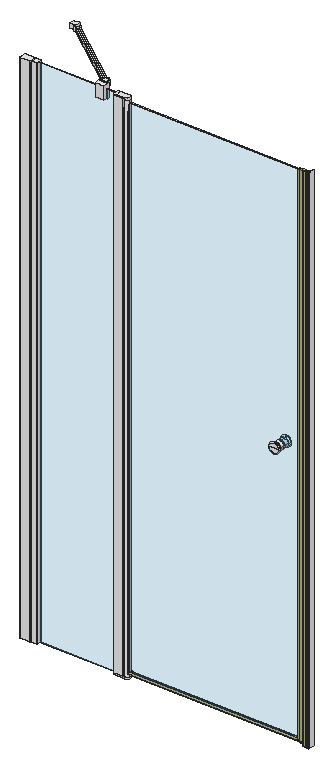
Revit family "SOL13", category Plumbing Fixtures, Revit 2015
Parameters (values of type "1100")
  holder = holder : B=400,D=350
  door = SOL1_G : C=700
  Width fixed panel 2 = 0 mm
  Seal = Seal
  Model = "SOL13"
  L1 = C1 + B1  # 1100 mm
  D = 300 mm
  B1 = 400 mm
  C1 = 700 mm
  URL = "www.sanswiss.com"
  Type Comments = "SOLINO"
  Number of elements = 0
  Aluminum = Aluminum
  Manufacturer = "SanSwiss"
  H = 2000 mm  # constant formula
  Glass = Glass
  A1 = B1 + C1  # 1100 mm
Types (7, lengths in mm): name | holder | door | L1 | D | B1 | C1 | A1
  750 | holder : B=200,D=150 | SOL1_G : C=550 | 750 | 150 | 200 | 550 | 750
  800 | holder : B=250,D=200 | SOL1_G : C=550 | 800 | 200 | 250 | 550 | 800
  900 | holder : B=350,D=300 | SOL1_G : C=550 | 900 | 300 | 350 | 550 | 900
  1000 | holder : B=350,D=300 | SOL1_G : C=650 | 1000 | 300 | 350 | 650 | 1000
  1200 | holder : B=400,D=350 | SOL1_G : C=800 | 1200 | 350 | 400 | 800 | 1200
  1400 | holder : B=600,D=550 | SOL1_G : C=800 | 1400 | 550 | 600 | 800 | 1400
  1100 | holder : B=400,D=350 | SOL1_G : C=700 | 1100 | 300 | 400 | 700 | 1100
Reference planes
  plane 1 "Center (Front/Back)": y = 0
  plane 2: z = 0
  plane 3 "Center (Left/Right)": x = 0
  plane 4 "right": x = 700
  plane 5: z = 2000
  plane 6 "góra": z = 1822.5
  plane 7 "hinge top": z = 1800
  plane 8 "klamka": z = 1005
  plane 9: x = 677.204
  plane 10: x = 659.1
  plane 11 "ucięcie": z = 11.8
  plane 12 "hinge bottom": z = 213
  plane 13 "glass middle": x = 3
  plane 14 "left": x = -400
  plane 15: x = -95
  plane 16: y = 44.447
Forms (mm)
  Extrusion 1, void, not visible
    sketch origin (0, 0, 0) x (1, 0, 0) y (0, 0, 1)
      loop
        line (47.1, 1799.5) -> (47.1, 1777.5) -> (65.984, 1777.5) -> (65.984, 1799.5) -> (47.1, 1799.5)
    from -49.545 to 25.251
  Extrusion 2, solid, material "Aluminum" <- "Aluminum", not visible
    sketch origin (0, 0, 1822.5) x (0, -1, 0) y (1, 0, 0)
      loop
        line (-1, 45.1) -> (-1, 57.085)
        arc (-1, 57.085) -> (-10, 66.085) -> (-19, 57.085) r 9
        line (-19, 57.085) -> (-19, 45.1) -> (-1, 45.1)
    from -45 to -23
  Extrusion 3, solid, material "Aluminum" <- "Aluminum", not visible
    sketch origin (0, 0, 1822.5) x (0, -1, 0) y (1, 0, 0)
      loop
        line (-1, 47.1) -> (-10, 47.1)
        arc (-10, 47.1) -> (-14.544, 48.192) -> (-18.095, 51.229) r 10
        arc (-18.095, 51.229) -> (-18.654, 51.411) -> (-19, 50.936) r 0.5
        line (-19, 50.936) -> (-19, 45.1) -> (-1, 45.1) -> (-1, 47.1)
    from -23 to 0
  Revolve 4, solid, material "Aluminum" <- "Aluminum", not visible
    sketch origin (0, 0, 1800) x (0, -1, 0) y (1, 0, 0)
      loop
        line (-21, 88.1) -> (-27.814, 88.1) -> (-27.814, 75.277) -> (-23.528, 79.564) -> (-21, 79.564) -> (-21, 88.1)
      axis (-21, 88.1) -> (-27.814, 88.1)
    angle from 0 to 360
  Revolve 5, solid, material "Aluminum" <- "Aluminum", not visible
    sketch origin (30, 0, 1800) x (0, -1, 0) y (1, 0, 0)
      loop
        line (-21, 88.1) -> (-27.814, 88.1) -> (-27.814, 75.277) -> (-23.528, 79.564) -> (-21, 79.564) -> (-21, 88.1)
      axis (-21, 88.1) -> (-27.814, 88.1)
    angle from 0 to 360
  Extrusion 6, solid, material "Glass" <- "Glass"
    sketch origin (0, 0, 1005) x (-1, 0, 0) y (0, -1, 0)
      loop
        line (30, -27.197) -> (337.401, -27.197) -> (337.401, -21.197) -> (30, -21.197) -> (30, -27.197)
    from -1005 to 995
  Sweep 7, solid, material "Aluminum" <- "Aluminum"
    path origin (0, 0, 0) x (1, 0, 0) y (0, 0, 1)
      loop
        line (-400, 2000) -> (-400, 0)
    profile origin (-400, 0, 1000) x (0, -1, 0) y (1, 0, 0)
      loop
        arc (-38.054, 1.758) -> (-37.539, 0.515) -> (-36.296, 0) r 1.758
        line (-36.296, 0) -> (-12.784, 0)
        arc (-12.784, 0) -> (-11.702, 0.448) -> (-11.254, 1.53) r 1.53
        line (-11.254, 1.53) -> (-11.254, 38.205)
        arc (-11.254, 38.205) -> (-11.662, 39.192) -> (-12.648, 39.6) r 1.395
        line (-12.648, 39.6) -> (-36.71, 39.6)
        arc (-36.71, 39.6) -> (-37.66, 39.207) -> (-38.054, 38.257) r 1.343
        line (-38.054, 38.257) -> (-38.054, 1.758)
  Sweep 8, solid, material "Aluminum" <- "Aluminum"
    path origin (0, 0, 0) x (1, 0, 0) y (0, 0, 1)
      loop
        line (-400, 0) -> (-400, 2000)
    profile origin (-400, 0, 1000) x (-1, 0, 0) y (0, -1, 0)
      loop
        line (-39.6, -35.354) -> (-39.6, -13.954) -> (-60.682, -13.954)
        arc (-60.682, -13.954) -> (-62.038, -14.515) -> (-62.599, -15.871) r 1.917
        line (-62.599, -15.871) -> (-62.599, -33.331)
        arc (-62.599, -33.331) -> (-62.007, -34.761) -> (-60.576, -35.354) r 2.023
        line (-60.576, -35.354) -> (-39.6, -35.354)
  Revolve 9, solid, material "Aluminum" <- "Aluminum"
    sketch origin (0, 0, 100) x (-1, 0, 0) y (0, -1, 0)
      loop
        line (370.081, -38.054) -> (362.99, -38.054) -> (362.99, -41.177)
        arc (362.99, -41.177) -> (363.396, -42.389) -> (364.449, -43.112) r 2.014
        arc (364.449, -43.112) -> (367.237, -43.712) -> (370.081, -43.93) r 21.12
        line (370.081, -43.93) -> (370.081, -38.054)
      axis (370.081, -43.93) -> (370.081, -38.054)
    angle from 0 to 360
  Revolve 10, solid, material "Aluminum" <- "Aluminum"
    sketch origin (0, 0, 1900) x (-1, 0, 0) y (0, -1, 0)
      loop
        line (370.081, -38.054) -> (362.99, -38.054) -> (362.99, -41.177)
        arc (362.99, -41.177) -> (363.396, -42.389) -> (364.449, -43.112) r 2.014
        arc (364.449, -43.112) -> (367.237, -43.712) -> (370.081, -43.93) r 21.12
        line (370.081, -43.93) -> (370.081, -38.054)
      axis (370.081, -43.93) -> (370.081, -38.054)
    angle from 0 to 360
  Revolve 11, solid, material "Aluminum" <- "Aluminum"
    sketch origin (0, 0, 1000) x (-1, 0, 0) y (0, -1, 0)
      loop
        line (370.081, -38.054) -> (362.99, -38.054) -> (362.99, -41.177)
        arc (362.99, -41.177) -> (363.396, -42.389) -> (364.449, -43.112) r 2.014
        arc (364.449, -43.112) -> (367.237, -43.712) -> (370.081, -43.93) r 21.12
        line (370.081, -43.93) -> (370.081, -38.054)
      axis (370.081, -43.93) -> (370.081, -38.054)
    angle from 0 to 360
Lines and regions (mm)
  symbolic lines
    curve 1: line (0, 27.197, 2000) -> (0, 21.197, 2000)
Dimensions and locks
  "C1": plane 3 "Center (Left/Right)" to plane 4 "right"
  "H": plane 5 to level
  locked: plane 4 "right" to plane 9 at 22.796
  locked: plane 4 "right" to plane 10 at 40.9
  locked: plane 3 "Center (Left/Right)" to plane 13 "glass middle" at 3
  "B1": plane 14 "left" to plane 3 "Center (Left/Right)"
  plane 15 to plane 3 "Center (Left/Right)" = 95 mm
  locked: plane 16 to plane 1 "Center (Front/Back)" at 44.447
  aligned and locked: level to plane 2
  aligned and locked: Sweep 7 sketch curve to plane 14 "left"
  aligned and locked: Sweep 8 sketch curve to Sweep 7
Automatic sketch dimensions
  Extrusion 1 sketch curve to Extrusion 1 sketch curve = 18.884 mm
  Extrusion 1 sketch curve to Extrusion 1 sketch curve = 22 mm
  Extrusion 2 sketch curve to Extrusion 2 sketch curve = 9 mm
  Extrusion 2 sketch curve to Extrusion 2 sketch curve = 11.985 mm
  Extrusion 3 sketch curve to Extrusion 3 sketch curve = 0.5 mm
  Extrusion 3 sketch curve to Extrusion 3 sketch curve = 2 mm
  Extrusion 3 sketch curve to Extrusion 3 sketch curve = 5.836 mm
  Extrusion 3 sketch curve to Extrusion 3 sketch curve = 10 mm
  Extrusion 3 sketch curve to Extrusion 3 sketch curve = 8.5 mm
  Extrusion 3 sketch curve to Extrusion 3 sketch curve = 9 mm
  Revolve 4 sketch curve to Revolve 4 sketch curve = 6.814 mm
  Revolve 4 sketch curve to Revolve 4 sketch curve = 0 mm  (x3)
  Revolve 5 sketch curve to Revolve 5 sketch curve = 6.814 mm
  Revolve 5 sketch curve to Revolve 5 sketch curve = 4.287 mm  (x2)
  Revolve 5 sketch curve to Revolve 5 sketch curve = 8.536 mm
  Revolve 5 sketch curve to Revolve 5 sketch curve = 0 mm  (x3)
  Revolve 4 sketch curve to Revolve 4 sketch curve = 4.287 mm  (x2)
  Revolve 4 sketch curve to Revolve 4 sketch curve = 8.536 mm
  curve 1 to plane 5 = 0 mm
  curve 1 to plane 16 = 17.25 mm
  curve 1 to curve 1 = 6 mm
  Sweep 7 sketch curve to level = 0 mm
  Sweep 7 sketch curve to plane 5 = 0 mm
  Sweep 7 sketch curve to profile plane = 0 mm
  Sweep 7 sketch curve to profile plane = 1.758 mm
  Sweep 7 sketch curve to plane 1 "Center (Front/Back)" = 38.054 mm
  Sweep 7 sketch curve to Sweep 7 sketch curve = 1.343 mm
  Sweep 7 sketch curve to plane 1 "Center (Front/Back)" = 12.784 mm
  Sweep 7 sketch curve to plane 1 "Center (Front/Back)" = 12.648 mm
  Sweep 7 sketch curve to Sweep 7 sketch curve = 1.53 mm
  Sweep 7 sketch curve to Sweep 7 sketch curve = 36.676 mm
  Sweep 8 sketch curve to level = 0 mm
  Sweep 8 sketch curve to plane 5 = 0 mm
  Revolve 9 sketch curve to plane 16 = 3.271 mm
  plane 14 "left" to Revolve 9 sketch curve = 37.01 mm
  Revolve 9 sketch curve to Revolve 9 sketch curve = 2.014 mm
  Revolve 9 sketch curve to plane 16 = 0.518 mm
  Revolve 9 sketch curve to Revolve 9 sketch curve = 5.077 mm
  Revolve 9 sketch curve to Revolve 9 sketch curve = 0.19 mm
  Revolve 9 sketch curve to Revolve 9 sketch curve = 5.876 mm
  Revolve 9 sketch curve to Revolve 9 sketch curve = 15.244 mm
  Revolve 9 sketch curve to Revolve 9 sketch curve = 0 mm  (x3)
  Revolve 10 sketch curve to plane 16 = 3.271 mm
  plane 14 "left" to Revolve 10 sketch curve = 37.01 mm
  Revolve 10 sketch curve to Revolve 10 sketch curve = 2.014 mm
  Revolve 10 sketch curve to plane 16 = 0.518 mm
  Revolve 10 sketch curve to Revolve 10 sketch curve = 5.077 mm
  Revolve 10 sketch curve to Revolve 10 sketch curve = 0.19 mm
  Revolve 10 sketch curve to Revolve 10 sketch curve = 5.876 mm
  Revolve 10 sketch curve to Revolve 10 sketch curve = 15.244 mm
  Revolve 10 sketch curve to Revolve 10 sketch curve = 0 mm  (x3)
  Revolve 11 sketch curve to plane 16 = 3.271 mm
  plane 14 "left" to Revolve 11 sketch curve = 37.01 mm
  Revolve 11 sketch curve to Revolve 11 sketch curve = 2.014 mm
  Revolve 11 sketch curve to plane 16 = 0.518 mm
  Revolve 11 sketch curve to Revolve 11 sketch curve = 5.077 mm
  Revolve 11 sketch curve to Revolve 11 sketch curve = 0.19 mm
  Revolve 11 sketch curve to Revolve 11 sketch curve = 5.876 mm
  Revolve 11 sketch curve to Revolve 11 sketch curve = 15.244 mm
  Revolve 11 sketch curve to Revolve 11 sketch curve = 0 mm  (x3)
  profile plane to Sweep 8 sketch curve = 62.599 mm
  Sweep 8 sketch curve to Sweep 8 sketch curve = 1.917 mm
  Sweep 8 sketch curve to Sweep 8 sketch curve = 2.023 mm
  Sweep 8 sketch curve to Sweep 8 sketch curve = 21.082 mm
  Sweep 8 sketch curve to plane 1 "Center (Front/Back)" = 35.354 mm
  Sweep 8 sketch curve to plane 1 "Center (Front/Back)" = 15.871 mm
  Extrusion 6 sketch curve to plane 3 "Center (Left/Right)" = 30 mm
  Extrusion 6 sketch curve to plane 1 "Center (Front/Back)" = 21.197 mm
  plane 14 "left" to Extrusion 6 sketch curve = 62.599 mm
  Extrusion 6 sketch curve to Extrusion 6 sketch curve = 6 mm
Nested families
  nested 1: "holder" at (0, 0, 0), type <- "holder", type "B=400,D=350"
  nested 2: "SOL1_G" at (-0.623, -0.209, 0), type <- "door", type "C=700"
Definition of nested family "holder"
  Parameters (values of type "B=350,D=300")
    handle angle1 = 90.00° - handle angle  # 50.1515°
    E = D10 * sin(handle angle)  # 198.635 mm
    D = 300 mm
    handle angle = acos(F / D10)  # 39.8485°
    Chrome = none
    Aluminum = none
    D10 = D + 10 mm  # 310 mm
    F = B - 17 mm - 95 mm  # 238 mm
    B = 350 mm
  Types (6, lengths in mm): name | handle angle1 | E | D | handle angle | D10 | F | B
    B=350,D=300 | 50.1515° | 198.635 | 300 | 39.8485° | 310 | 238 | 350
    B=600,D=550 | 60.6251° | 274.693 | 550 | 29.3749° | 560 | 488 | 600
    B=400,D=350 | 53.1301° | 216 | 350 | 36.8699° | 360 | 288 | 400
    B=250,D=200 | 41.0823° | 158.291 | 200 | 48.9177° | 210 | 138 | 250
    B=200,D=150 | 33.367° | 133.626 | 150 | 56.633° | 160 | 88 | 200
    B=350,D=350 | 41.3847° | 270.104 | 350 | 48.6153° | 360 | 238 | 350
  Reference planes
    plane 1 "Center (Front/Back)": y = 0
    plane 2: z = 0
    plane 3 "Center (Left/Right)": x = 0
    plane 4 "left": x = -350
    plane 5 "left handle": x = -333
    plane 6 "right handle": x = -95
    plane 7 "top handle": y = 243.083
    plane 8 "bottom handle": y = 44.447
    plane 9 "przekrój": through (-251.152, 148.141, 4000) normal (-0.8813, 0.4726, 0)
    plane 10: through (-429.511, 230.274, 4000) normal (0.4726, 0.8813, 0)
  Forms (mm)
    Sweep 1, solid, material <- "Chrome"
      path origin (0, 0, 0) x (1, 0, 0) y (0, 1, 0)
        loop
          line (-112, 0) -> (-78, 0)
      profile origin (-95, 0, 0) x (0, 1, 0) y (0, 0, 1)
        loop
          line (33.197, 1965.633) -> (33.197, 2015.633) -> (28.197, 2015.633) -> (13.341, 2013.563) -> (13.341, 1963.633) -> (21.197, 1963.633) -> (21.197, 2000.983) -> (28.197, 2000.983) -> (28.197, 1963.633) -> (31.197, 1963.633)
          arc (31.197, 1963.633) -> (32.612, 1964.219) -> (33.197, 1965.633) r 2
    Sweep 2, solid, material <- "Chrome"
      path origin (-95, 0, 0) x (0, -1, 0) y (0, 0, 1)
        loop
          line (0, 2015.319) -> (0, 1996.433)
      profile origin (-95, 0, 2005.876) x (-1, 0, 0) y (0, -1, 0)
        loop
          line (15.728, -33.197) -> (-15.728, -33.197) -> (-8.714, -39.083)
          arc (-8.714, -39.083) -> (-8.187, -39.769) -> (-8, -40.615) r 2
          line (-8, -40.615) -> (-8, -44.447)
          arc (-8, -44.447) -> (0, -52.447) -> (8, -44.447) r 8
          line (8, -44.447) -> (8, -40.615)
          arc (8, -40.615) -> (8.187, -39.769) -> (8.714, -39.083) r 2
          line (8.714, -39.083) -> (15.728, -33.197)
    Sweep 3, solid, material <- "Chrome"
      path origin (-95, 0, 0) x (0, -1, 0) y (0, 0, 1)
        loop
          line (-44.447, 2010.633) -> (-44.447, 1996.433)
      profile origin (-95, 44.447, 2003.533) x (-1, 0, 0) y (0, -1, 0)
        loop
          line (-5.08, -9.474) -> (6.305, -18.976) -> (19.798, -2.81) -> (5.08, 9.474)
          arc (5.08, 9.474) -> (-9.474, 5.08) -> (-5.08, -9.474) r 10.75
    Sweep 4, solid, material <- "Chrome"
      path origin (-333, 0, 0) x (0, -1, 0) y (0, 0, 1)
        loop
          line (-243.083, 2013.619) -> (-243.083, 1996.433)
      profile origin (-333, 243.083, 2005.026) x (-1, 0, 0) y (0, -1, 0)
        loop
          line (16.5, -9.5) -> (16.5, 9.5) -> (0, 9.5)
          arc (0, 9.5) -> (-9.5, 0) -> (0, -9.5) r 9.5
          line (0, -9.5) -> (16.5, -9.5)
    Sweep 5, solid, material <- "Aluminum"
      path origin (-86.339, 12.427, 0) x (1, 0, 0) y (0, 1, 0)
        loop
          line (-8.661, 32.021) -> (-246.661, 230.656)
      profile origin (-214, 143.765, 0) x (-0.640759, -0.767742, 0) y (0, 0, 1)
        loop
          line (8.5, 1998.433) -> (8.5, 2008.133) -> (5, 2008.133) -> (5, 2006.433) -> (-5, 2006.433) -> (-5, 2008.133) -> (-8.5, 2008.133) -> (-8.5, 1998.433) -> (8.5, 1998.433)
    Sweep 6, solid, material <- "Chrome"
      path origin (-333, 0, 0) x (0, -1, 0) y (0, 0, 1)
        loop
          line (-243.083, 2010.633) -> (-243.083, 1996.433)
      profile origin (-333, 243.083, 2003.533) x (-1, 0, 0) y (0, -1, 0)
        loop
          line (6.121, 8.654) -> (-6.663, 19.323) -> (-20.221, 3.079) -> (-6.496, -8.376)
          arc (-6.496, -8.376) -> (8.517, -6.31) -> (6.121, 8.654) r 10.6
  Dimensions and locks
    locked: plane 1 "Center (Front/Back)" to plane 8 "bottom handle" at 44.447
    "F": plane 5 "left handle" to plane 6 "right handle"
    plane 6 "right handle" to plane 3 "Center (Left/Right)" = 95 mm
    "E": plane 7 "top handle" to plane 8 "bottom handle"
    plane 4 "left" to plane 5 "left handle" = 17 mm
    "B": plane 4 "left" to plane 3 "Center (Left/Right)"
    Sweep 3 sketch curve to profile plane = 17 mm
    locked: Sweep 6 sketch curve to Sweep 6 sketch curve at 16.652
    radius of Sweep 3 sketch curve = 10.75 mm
    radius of Sweep 6 sketch curve = 10.6 mm
    locked: Sweep 3 sketch curve to Sweep 3 sketch curve (angle 90.00°)  (x2)
    "handle angle": angle Sweep 3 sketch curve to plane 8 "bottom handle"
    locked: Sweep 6 sketch curve to Sweep 6 sketch curve (angle 90.00°)  (x2)
    "handle angle": angle Sweep 6 sketch curve to plane 7 "top handle"
    aligned and locked: level to plane 2
    aligned and locked: plane 7 "top handle" to Sweep 5 sketch curve
    aligned and locked: plane 5 "left handle" to Sweep 5 sketch curve
    aligned and locked: plane 8 "bottom handle" to Sweep 5 sketch curve
    aligned and locked: plane 6 "right handle" to Sweep 5 sketch curve
    aligned and locked: plane 7 "top handle" to Sweep 4 sketch curve
    aligned and locked: plane 5 "left handle" to Sweep 4 sketch curve
    aligned and locked: Sweep 3 sketch curve to plane 8 "bottom handle"
    aligned and locked: plane 6 "right handle" to Sweep 3 sketch curve
    aligned and locked: plane 7 "top handle" to Sweep 6 sketch curve  (x2)
    aligned and locked: plane 5 "left handle" to Sweep 6 sketch curve  (x2)
  Automatic sketch dimensions
    level to Sweep 3 sketch curve = 1996.433 mm
    Sweep 3 sketch curve to Sweep 3 sketch curve = 14.2 mm
    plane 1 "Center (Front/Back)" to Sweep 1 sketch curve = 0 mm
    plane 6 "right handle" to Sweep 1 sketch curve = 17 mm
    Sweep 1 sketch curve to plane 6 "right handle" = 17 mm
    Sweep 2 sketch curve to plane 1 "Center (Front/Back)" = 0 mm
    level to Sweep 2 sketch curve = 1996.433 mm
    Sweep 2 sketch curve to Sweep 2 sketch curve = 18.885 mm
    Sweep 2 sketch curve to plane 6 "right handle" = 0 mm
    Sweep 2 sketch curve to plane 6 "right handle" = 8 mm
    Sweep 2 sketch curve to Sweep 2 sketch curve = 0.714 mm  (x2)
    Sweep 2 sketch curve to Sweep 2 sketch curve = 2 mm  (x2)
    Sweep 2 sketch curve to Sweep 2 sketch curve = 7.014 mm  (x2)
    profile plane to Sweep 2 sketch curve = 44.447 mm
    Sweep 2 sketch curve to Sweep 2 sketch curve = 3.833 mm  (x2)
    Sweep 2 sketch curve to Sweep 2 sketch curve = 5.885 mm
    Sweep 4 sketch curve to plane 5 "left handle" = 0 mm
    Sweep 4 sketch curve to profile plane = 0 mm
    plane 5 "left handle" to Sweep 4 sketch curve = 16.5 mm
    Sweep 4 sketch curve to Sweep 4 sketch curve = 9.5 mm
    profile plane to Sweep 5 sketch curve = 8.5 mm
    Sweep 5 sketch curve to Sweep 5 sketch curve = 3.5 mm  (x2)
    Sweep 5 sketch curve to profile plane = 5 mm
    level to Sweep 5 sketch curve = 1998.433 mm
    Sweep 5 sketch curve to Sweep 5 sketch curve = 8 mm
    Sweep 5 sketch curve to Sweep 5 sketch curve = 1.7 mm  (x2)
    level to Sweep 6 sketch curve = 1996.433 mm
    Sweep 6 sketch curve to Sweep 6 sketch curve = 14.2 mm
    Sweep 1 sketch curve to profile plane = 13.341 mm
    Sweep 1 sketch curve to Sweep 1 sketch curve = 7.857 mm
    Sweep 1 sketch curve to Sweep 1 sketch curve = 14.857 mm
    Sweep 1 sketch curve to Sweep 1 sketch curve = 7 mm
    Sweep 1 sketch curve to Sweep 1 sketch curve = 3 mm
    Sweep 1 sketch curve to Sweep 1 sketch curve = 5 mm
    level to Sweep 1 sketch curve = 1963.633 mm
    Sweep 1 sketch curve to Sweep 1 sketch curve = 0 mm
    Sweep 1 sketch curve to Sweep 1 sketch curve = 35.35 mm
    Sweep 1 sketch curve to Sweep 1 sketch curve = 14.65 mm
    Sweep 1 sketch curve to Sweep 1 sketch curve = 12.58 mm
    Sweep 3 sketch curve to plane 6 "right handle" = 0 mm
    Sweep 3 sketch curve to profile plane = 0 mm
    Sweep 3 sketch curve to plane 6 "right handle" = 5.08 mm
    plane 6 "right handle" to Sweep 3 sketch curve = 5.08 mm
    Sweep 6 sketch curve to plane 5 "left handle" = 6.496 mm
    Sweep 6 sketch curve to plane 5 "left handle" = 6.663 mm
Definition of nested family "SOL1_G"
  Parameters (values of type "C=650")
    Width fixed panel 2 = 0 mm
    Width fixed panel = 0 mm
    Seal = none
    Model = "SOL1 G"
    Chrome = none
    C1 = 650 mm
    URL = "www.sanswiss.com"
    Type Comments = "SOLINO"
    Number of elements = 0
    Manufacturer = "SanSwiss"
    H = 2000 mm  # constant formula
    Glass = none
    Aluminum = none
  Types (5, lengths in mm): name | C1
    C=550 | 550
    C=800 | 800
    C=650 | 650
    C=700 | 700
    C=750 | 750
  Reference planes
    plane 1 "Center (Front/Back)": y = 0
    plane 2: z = 0
    plane 3 "Center (Left/Right)": x = 0
    plane 4: x = 650
    plane 5: z = 2000
    plane 6 "góra": z = 1822.5
    plane 7 "klamka": z = 1000.61
    plane 8: x = 628.938
    plane 9: x = 609.789
    plane 10 "ucięcie": z = 11.8
    plane 11: z = 1984
    plane 12: z = 4.446
    plane 13: z = 1995.447
    plane 14: z = 16.178
  Forms (mm)
    Extrusion 1, void, not visible
      sketch origin (0, 0, 0) x (1, 0, 0) y (0, 0, 1)
        loop
          line (47.1, 1799.5) -> (47.1, 1777.5) -> (65.984, 1777.5) -> (65.984, 1799.5) -> (47.1, 1799.5)
      from -49.545 to 25.251
    Extrusion 2, solid, material <- "Aluminum", not visible
      sketch origin (0, 0, 1822.5) x (0, -1, 0) y (1, 0, 0)
        loop
          line (-1, 45.1) -> (-1, 57.085)
          arc (-1, 57.085) -> (-10, 66.085) -> (-19, 57.085) r 9
          line (-19, 57.085) -> (-19, 45.1) -> (-1, 45.1)
      from -45 to -23
    Extrusion 3, solid, material <- "Aluminum", not visible
      sketch origin (0, 0, 1822.5) x (0, -1, 0) y (1, 0, 0)
        loop
          line (-1, 47.1) -> (-10, 47.1)
          arc (-10, 47.1) -> (-14.544, 48.192) -> (-18.095, 51.229) r 10
          arc (-18.095, 51.229) -> (-18.654, 51.411) -> (-19, 50.936) r 0.5
          line (-19, 50.936) -> (-19, 45.1) -> (-1, 45.1) -> (-1, 47.1)
      from -23 to 0
    Revolve 4, solid, material <- "Aluminum", not visible
      sketch origin (0, 0, 1800) x (0, -1, 0) y (1, 0, 0)
        loop
          line (-21, 88.1) -> (-27.814, 88.1) -> (-27.814, 75.277) -> (-23.528, 79.564) -> (-21, 79.564) -> (-21, 88.1)
        axis (-21, 88.1) -> (-27.814, 88.1)
      angle from 0 to 360
    Revolve 5, solid, material <- "Aluminum", not visible
      sketch origin (30, 0, 1800) x (0, -1, 0) y (1, 0, 0)
        loop
          line (-21, 88.1) -> (-27.814, 88.1) -> (-27.814, 75.277) -> (-23.528, 79.564) -> (-21, 79.564) -> (-21, 88.1)
        axis (-21, 88.1) -> (-27.814, 88.1)
      angle from 0 to 360
    Sweep 6, solid, material <- "Seal"
      path origin (0, 0, -2.717) x (1, 0, 0) y (0, 0, 1)
        loop
          line (650, 1986.717) -> (650, 19.284)
      profile origin (650, 0, 1000.283) x (0, -1, 0) y (1, 0, 0)
        loop
          arc (-21.839, -38.098) -> (-21.314, -37.901) -> (-21.047, -37.409) r 0.8
          line (-21.047, -37.409) -> (-20.512, -31.606)
          arc (-20.512, -31.606) -> (-20.537, -31.058) -> (-20.757, -30.555) r 1.5
          arc (-20.757, -30.555) -> (-19.3, -25.674) -> (-20.574, -20.742) r 9.5
          arc (-20.574, -20.742) -> (-21.677, -20.006) -> (-22.933, -20.432) r 1.5
          line (-22.933, -20.432) -> (-29.748, -27.247)
          arc (-29.748, -27.247) -> (-30.154, -27.991) -> (-30.092, -28.835) r 1.5
          arc (-30.092, -28.835) -> (-29.709, -29.717) -> (-29.239, -30.555) r 9.5
          arc (-29.239, -30.555) -> (-29.459, -31.058) -> (-29.483, -31.606) r 1.5
          line (-29.483, -31.606) -> (-28.949, -37.409)
          arc (-28.949, -37.409) -> (-28.682, -37.901) -> (-28.157, -38.098) r 0.8
          line (-28.157, -38.098) -> (-27.374, -38.098) -> (-27.374, -37.133) -> (-27.83, -36.313) -> (-28.328, -31.098) -> (-21.668, -31.098) -> (-22.166, -36.313) -> (-22.622, -37.133) -> (-22.622, -38.098) -> (-21.839, -38.098)
    Extrusion 7, solid, material <- "Glass"
      sketch origin (0, 0, 1800) x (0, -1, 0) y (1, 0, 0)
        loop
          line (-27.5, 618.902) -> (-27.5, 12.306) -> (-21.5, 12.306) -> (-21.5, 618.902) -> (-27.5, 618.902)
      from -1787 to 184
    Extrusion 8, solid, material <- "Seal"
      sketch origin (0, 0, 0) x (0, 1, 0) y (0, 0, 1)
        loop
          line (33.991, 0.501) -> (32.472, 14.955)
          arc (32.472, 14.955) -> (32.753, 15.358) -> (33.243, 15.314) r 0.49
          line (33.243, 15.314) -> (35.532, 14.701) -> (35.49, 15.494)
          arc (35.49, 15.494) -> (35.318, 15.967) -> (34.91, 16.264) r 0.862
          line (34.91, 16.264) -> (29.09, 17.823) -> (28.328, 24.346)
          arc (28.328, 24.346) -> (27.784, 25.009) -> (26.955, 24.792) r 0.794
          line (26.955, 24.792) -> (28.209, 14.063)
          arc (28.209, 14.063) -> (27.898, 13.311) -> (27.147, 13) r 1.063
          line (27.147, 13) -> (22.622, 13)
          arc (22.622, 13) -> (21.976, 13.301) -> (21.792, 13.989) r 0.843
          line (21.792, 13.989) -> (23.046, 24.932)
          arc (23.046, 24.932) -> (22.173, 24.949) -> (21.668, 24.238) r 0.932
          line (21.668, 24.238) -> (20.512, 14.15)
          arc (20.512, 14.15) -> (21.075, 12.392) -> (22.764, 11.649) r 2.245
          line (22.764, 11.649) -> (27.214, 11.649)
          arc (27.214, 11.649) -> (28.718, 12.211) -> (29.483, 13.621) r 2.291
          line (29.483, 13.621) -> (29.387, 14.992)
          arc (29.387, 14.992) -> (29.469, 15.443) -> (29.898, 15.605) r 0.465
          line (29.898, 15.605) -> (30.87, 15.725)
          arc (30.87, 15.725) -> (31.281, 15.554) -> (31.451, 15.143) r 0.581
          line (31.451, 15.143) -> (33.001, 0.397)
          arc (33.001, 0.397) -> (33.548, -0.046) -> (33.991, 0.501) r 0.498
      from 12.306 to 628.938
    Extrusion 9, void
      sketch origin (0, 0, 0) x (1, 0, 0) y (0, 0, 1)
        loop
          line (634.842, 16.567) -> (634.842, 33.757) -> (611.902, 33.757) -> (611.902, 16.567) -> (634.842, 16.567)
      from -108.898 to 31.895
    Sweep 10, void
      path origin (-49.514, 0.178, 0) x (1, 0, 0) y (0, 0, 1)
        loop
          line (750, -1.043) -> (750, 23.957)
      profile origin (700.486, 0.178, 11.457) x (-1, 0, 0) y (0, -1, 0)
        loop
          line (85.009, -36.361) -> (69.995, -21.347) -> (69.995, -36.361) -> (85.009, -36.361)
    Sweep 11, solid, material <- "Seal"
      path origin (0, 0, 0) x (1, 0, 0) y (0, 0, 1)
        loop
          line (650, 1984) -> (650, 0)
      profile origin (650, 0, 992) x (0, -1, 0) y (1, 0, 0)
        loop
          line (-28.662, -26.162) -> (-21.774, -19.274)
          arc (-21.774, -19.274) -> (-21.402, -18.561) -> (-21.507, -17.764) r 1.337
          line (-21.507, -17.764) -> (-22.351, -16.035)
          arc (-22.351, -16.035) -> (-22.148, -15.591) -> (-22.102, -15.105) r 1.463
          line (-22.102, -15.105) -> (-22.646, -9.188)
          arc (-22.646, -9.188) -> (-22.904, -8.684) -> (-23.438, -8.499) r 0.759
          arc (-23.438, -8.499) -> (-23.857, -8.527) -> (-24.187, -8.786) r 0.711
          line (-24.187, -8.786) -> (-24.096, -9.652) -> (-23.757, -10.379) -> (-23.288, -15.472) -> (-29.898, -15.472) -> (-29.433, -10.326) -> (-29.09, -9.591)
          arc (-29.09, -9.591) -> (-28.984, -9.058) -> (-29.199, -8.559) r 0.916
          arc (-29.199, -8.559) -> (-30.032, -8.534) -> (-30.548, -9.188) r 0.927
          line (-30.548, -9.188) -> (-31.085, -15.12)
          arc (-31.085, -15.12) -> (-31.046, -15.603) -> (-30.838, -16.04) r 1.336
          arc (-30.838, -16.04) -> (-32.307, -20.856) -> (-31.071, -25.737) r 9.37
          arc (-31.071, -25.737) -> (-29.977, -26.577) -> (-28.662, -26.162) r 1.493
    Sweep 12, solid, material <- "Aluminum"
      path origin (0, 0, 0) x (1, 0, 0) y (0, 0, 1)
        loop
          line (650, 1984) -> (650, 0)
      profile origin (650, 0, 992) x (0, -1, 0) y (1, 0, 0)
        loop
          line (-28.247, -15.489) -> (-28.247, -8.519) -> (-24.947, -8.519) -> (-24.947, -15.498) -> (-23.648, -15.498) -> (-23.648, -0.218)
          arc (-23.648, -0.218) -> (-24.583, -0.806) -> (-24.947, -1.848) r 1.673
          line (-24.947, -1.848) -> (-24.947, -7.198) -> (-28.247, -7.198) -> (-28.247, -1.976)
          arc (-28.247, -1.976) -> (-28.826, -0.579) -> (-30.223, 0) r 1.976
          line (-30.223, 0) -> (-46.642, 0)
          arc (-46.642, 0) -> (-46.389, -1.318) -> (-45.237, -2.007) r 1.641
          line (-45.237, -2.007) -> (-30.531, -2.007)
          arc (-30.531, -2.007) -> (-29.867, -2.261) -> (-29.545, -2.895) r 0.992
          line (-29.545, -2.895) -> (-29.545, -14.874)
          arc (-29.545, -14.874) -> (-29.446, -15.303) -> (-29.047, -15.489) r 0.502
          line (-29.047, -15.489) -> (-28.247, -15.489)
    Revolve 13, solid, material <- "Aluminum"
      sketch origin (0, 0, 1883.974) x (-1, 0, 0) y (0, -1, 0)
        loop
          line (-647.993, -39.145) -> (-641.785, -39.145)
          arc (-641.785, -39.145) -> (-641.973, -36.391) -> (-642.551, -33.693) r 19.345
          arc (-642.551, -33.693) -> (-643.289, -32.645) -> (-644.514, -32.271) r 1.972
          line (-644.514, -32.271) -> (-647.993, -32.271) -> (-647.993, -39.145)
        axis (-647.993, -39.145) -> (-641.785, -39.145)
      angle from 0 to 360
    Revolve 14, solid, material <- "Aluminum"
      sketch origin (0, 0, 992) x (-1, 0, 0) y (0, -1, 0)
        loop
          line (-647.993, -39.145) -> (-641.785, -39.145)
          arc (-641.785, -39.145) -> (-641.973, -36.391) -> (-642.551, -33.693) r 19.345
          arc (-642.551, -33.693) -> (-643.289, -32.645) -> (-644.514, -32.271) r 1.972
          line (-644.514, -32.271) -> (-647.993, -32.271) -> (-647.993, -39.145)
        axis (-647.993, -39.145) -> (-641.785, -39.145)
      angle from 0 to 360
    Revolve 15, solid, material <- "Aluminum"
      sketch origin (0, 0, 100.189) x (-1, 0, 0) y (0, -1, 0)
        loop
          line (-647.993, -39.145) -> (-641.785, -39.145)
          arc (-641.785, -39.145) -> (-641.973, -36.391) -> (-642.551, -33.693) r 19.345
          arc (-642.551, -33.693) -> (-643.289, -32.645) -> (-644.514, -32.271) r 1.972
          line (-644.514, -32.271) -> (-647.993, -32.271) -> (-647.993, -39.145)
        axis (-647.993, -39.145) -> (-641.785, -39.145)
      angle from 0 to 360
    Sweep 16, solid, material <- "Aluminum"
      path origin (0, 0, 0) x (1, 0, 0) y (0, 0, 1)
        loop
          line (0, 4.446) -> (0, 1995.447)
      profile origin (0, 0, 999.947) x (-1, 0, 0) y (0, -1, 0)
        loop
          arc (40.055, -35.029) -> (41.37, -34.485) -> (41.914, -33.17) r 1.859
          line (41.914, -33.17) -> (41.914, -15.595)
          arc (41.914, -15.595) -> (41.342, -14.214) -> (39.96, -13.641) r 1.954
          line (39.96, -13.641) -> (6.499, -13.641)
          arc (6.499, -13.641) -> (4.78, -14.801) -> (4.996, -16.864) r 2.014
          line (4.996, -16.864) -> (3.992, -16.864) -> (2.808, -16.312) -> (0.305, -16.531) -> (1.302, -16.996)
          arc (1.302, -16.996) -> (4.396, -18.218) -> (6.688, -20.628) r 7.716
          line (6.688, -20.628) -> (6.688, -27.963)
          arc (6.688, -27.963) -> (4.396, -30.374) -> (1.302, -31.596) r 7.716
          line (1.302, -31.596) -> (0.305, -32.061) -> (2.808, -32.28) -> (4.209, -31.627) -> (5.119, -31.627)
          arc (5.119, -31.627) -> (4.592, -33.774) -> (6.411, -35.029) r 1.947
          line (6.411, -35.029) -> (40.055, -35.029)
    Sweep 17, solid, material <- "Chrome"
      path origin (0, 0, 0) x (1, 0, 0) y (0, 0, 1)
        loop
          line (0, 2000) -> (0, 1995.447)
      profile origin (0, 0, 1997.723) x (0, -1, 0) y (1, 0, 0)
        loop
          line (-13.629, -40.06) -> (-13.629, 3.235)
          arc (-13.629, 3.235) -> (-24.329, 13.935) -> (-35.029, 3.235) r 10.7
          line (-35.029, 3.235) -> (-35.029, -39.887)
          arc (-35.029, -39.887) -> (-34.435, -41.32) -> (-33.002, -41.914) r 2.027
          line (-33.002, -41.914) -> (-15.483, -41.914)
          arc (-15.483, -41.914) -> (-14.172, -41.371) -> (-13.629, -40.06) r 1.854
    Sweep 18, solid, material <- "Aluminum"
      path origin (0, 0, 0) x (1, 0, 0) y (0, 0, 1)
        loop
          line (0, 4.446) -> (0, 1995.447)
      profile origin (0, 0, 999.947) x (-1, 0, 0) y (0, -1, 0)
        loop
          circle (-3.34, -24.929) r 9.238
    Sweep 19, solid, material <- "Chrome"
      path origin (0, 0, -1995.554) x (1, 0, 0) y (0, 0, 1)
        loop
          line (0, 2000) -> (0, 1995.447)
      profile origin (0, 0, 2.17) x (0, -1, 0) y (1, 0, 0)
        loop
          line (-13.629, -40.06) -> (-13.629, 3.235)
          arc (-13.629, 3.235) -> (-24.329, 13.935) -> (-35.029, 3.235) r 10.7
          line (-35.029, 3.235) -> (-35.029, -39.887)
          arc (-35.029, -39.887) -> (-34.435, -41.32) -> (-33.002, -41.914) r 2.027
          line (-33.002, -41.914) -> (-15.483, -41.914)
          arc (-15.483, -41.914) -> (-14.172, -41.371) -> (-13.629, -40.06) r 1.854
  Cuts and joins
    Extrusion 9, Sweep 10 cuts Extrusion 8
  Dimensions and locks
    "C1": plane 3 "Center (Left/Right)" to plane 4
    "H": plane 5 to level
    plane 3 "Center (Left/Right)" to Extrusion 7 sketch curve = 12.306 mm
    Sweep 6 sketch curve to plane 2 = 16.567 mm
    plane 4 to plane 8 = 21.062 mm
    locked: plane 4 to plane 9 at 40.211
    locked: nested 1 to plane 4 at 110
    plane 3 "Center (Left/Right)" to cut or joined group of Extrusion 8, Extrusion 9, Sweep 10 = 12.306 mm
    aligned and locked: level to plane 2
    aligned and locked: Extrusion 7 sketch curve to Sweep 6
    aligned and locked: plane 8 to Extrusion 8
    aligned and locked: Extrusion 7 to Sweep 6
  Automatic sketch dimensions
    Extrusion 1 sketch curve to Extrusion 1 sketch curve = 18.884 mm
    Extrusion 1 sketch curve to Extrusion 1 sketch curve = 22 mm
    Extrusion 2 sketch curve to Extrusion 2 sketch curve = 9 mm
    Extrusion 2 sketch curve to Extrusion 2 sketch curve = 11.985 mm
    Extrusion 3 sketch curve to Extrusion 3 sketch curve = 0.5 mm
    Extrusion 3 sketch curve to Extrusion 3 sketch curve = 2 mm
    Extrusion 3 sketch curve to Extrusion 3 sketch curve = 5.836 mm
    Extrusion 3 sketch curve to Extrusion 3 sketch curve = 10 mm
    Extrusion 3 sketch curve to Extrusion 3 sketch curve = 8.5 mm
    Extrusion 3 sketch curve to Extrusion 3 sketch curve = 9 mm
    Revolve 4 sketch curve to Revolve 4 sketch curve = 6.814 mm
    Revolve 4 sketch curve to Revolve 4 sketch curve = 0 mm  (x3)
    Revolve 5 sketch curve to Revolve 5 sketch curve = 6.814 mm
    Revolve 5 sketch curve to Revolve 5 sketch curve = 4.287 mm  (x2)
    Revolve 5 sketch curve to Revolve 5 sketch curve = 8.536 mm
    Revolve 5 sketch curve to Revolve 5 sketch curve = 0 mm  (x3)
    Revolve 4 sketch curve to Revolve 4 sketch curve = 4.287 mm  (x2)
    Revolve 4 sketch curve to Revolve 4 sketch curve = 8.536 mm
    Sweep 6 sketch curve to plane 4 = 0 mm
    Sweep 6 sketch curve to plane 11 = 0 mm
    Sweep 6 sketch curve to plane 1 "Center (Front/Back)" = 29.748 mm
    Sweep 6 sketch curve to Sweep 6 sketch curve = 0.265 mm
    Sweep 6 sketch curve to Sweep 6 sketch curve = 0.534 mm
    Sweep 6 sketch curve to Sweep 6 sketch curve = 0.95 mm
    Sweep 6 sketch curve to Sweep 6 sketch curve = 1.061 mm  (x4)
    Sweep 6 sketch curve to Sweep 6 sketch curve = 1.156 mm  (x2)
    Sweep 6 sketch curve to Sweep 6 sketch curve = 0.792 mm  (x2)
    Sweep 6 sketch curve to Sweep 6 sketch curve = 0.33 mm  (x2)
    Sweep 6 sketch curve to Sweep 6 sketch curve = 0.327 mm
    Sweep 6 sketch curve to Sweep 6 sketch curve = 0.783 mm  (x2)
    Sweep 6 sketch curve to Sweep 6 sketch curve = 5.865 mm
    Sweep 6 sketch curve to Sweep 6 sketch curve = 4.752 mm
    Sweep 6 sketch curve to Sweep 6 sketch curve = 0.456 mm
    Sweep 6 sketch curve to Sweep 6 sketch curve = 0.168 mm
    Sweep 6 sketch curve to Sweep 6 sketch curve = 0.675 mm
    profile plane to Sweep 6 sketch curve = 38.098 mm
    Sweep 6 sketch curve to Sweep 6 sketch curve = 0 mm  (x2)
    Sweep 6 sketch curve to Sweep 6 sketch curve = 0.689 mm  (x2)
    Sweep 6 sketch curve to Sweep 6 sketch curve = 0.164 mm  (x2)
    Sweep 6 sketch curve to Sweep 6 sketch curve = 0.821 mm  (x2)
    Sweep 6 sketch curve to Sweep 6 sketch curve = 4.706 mm  (x2)
    Sweep 6 sketch curve to Sweep 6 sketch curve = 0.209 mm  (x2)
    Sweep 6 sketch curve to Sweep 6 sketch curve = 0.3 mm
    Sweep 6 sketch curve to Sweep 6 sketch curve = 2.789 mm
    Sweep 6 sketch curve to Sweep 6 sketch curve = 1.75 mm
    Sweep 6 sketch curve to Sweep 6 sketch curve = 5.6 mm
    Sweep 6 sketch curve to Sweep 6 sketch curve = 4.004 mm
    Sweep 6 sketch curve to Sweep 6 sketch curve = 0.912 mm
    Extrusion 7 sketch curve to plane 1 "Center (Front/Back)" = 27.5 mm
    Extrusion 7 sketch curve to Extrusion 7 sketch curve = 6 mm
    Extrusion 8 sketch curve to plane 14 = 2.028 mm
    Extrusion 8 sketch curve to plane 1 "Center (Front/Back)" = 20.512 mm
    plane 14 to Extrusion 8 sketch curve = 8.06 mm
    Extrusion 8 sketch curve to Extrusion 8 sketch curve = 1.156 mm
    Extrusion 8 sketch curve to plane 14 = 2.189 mm
    Extrusion 8 sketch curve to Extrusion 8 sketch curve = 1.279 mm
    Extrusion 8 sketch curve to Extrusion 8 sketch curve = 0.924 mm
    Extrusion 8 sketch curve to Extrusion 8 sketch curve = 0.83 mm
    Extrusion 8 sketch curve to Extrusion 8 sketch curve = 0.122 mm
    Extrusion 8 sketch curve to plane 10 "ucięcie" = 0.151 mm
    Extrusion 8 sketch curve to Extrusion 8 sketch curve = 0.143 mm
    plane 14 to Extrusion 8 sketch curve = 8.754 mm
    Extrusion 8 sketch curve to Extrusion 8 sketch curve = 0.453 mm
    plane 14 to Extrusion 8 sketch curve = 8.614 mm
    Extrusion 8 sketch curve to Extrusion 8 sketch curve = 3.909 mm
    Extrusion 8 sketch curve to plane 14 = 2.115 mm
    Extrusion 8 sketch curve to Extrusion 8 sketch curve = 4.403 mm
    Extrusion 8 sketch curve to Extrusion 8 sketch curve = 0.068 mm
    Extrusion 8 sketch curve to Extrusion 8 sketch curve = 0.584 mm
    Extrusion 8 sketch curve to Extrusion 8 sketch curve = 0.995 mm
    plane 14 to Extrusion 8 sketch curve = 8.169 mm
    Extrusion 8 sketch curve to Extrusion 8 sketch curve = 0.789 mm
    plane 14 to Extrusion 8 sketch curve = 1.645 mm
    Extrusion 8 sketch curve to Extrusion 8 sketch curve = 0.881 mm
    Extrusion 8 sketch curve to plane 14 = 1.186 mm
    Extrusion 8 sketch curve to Extrusion 8 sketch curve = 1.178 mm
    plane 10 "ucięcie" to Extrusion 8 sketch curve = 1.821 mm
    Extrusion 8 sketch curve to Extrusion 8 sketch curve = 1.274 mm
    Extrusion 8 sketch curve to Extrusion 8 sketch curve = 0.439 mm
    Extrusion 8 sketch curve to plane 14 = 0.572 mm
    Extrusion 8 sketch curve to Extrusion 8 sketch curve = 0.072 mm
    Extrusion 8 sketch curve to Extrusion 8 sketch curve = 1.044 mm
    Extrusion 8 sketch curve to plane 14 = 1.034 mm
    Extrusion 8 sketch curve to Extrusion 8 sketch curve = 0.581 mm
    Extrusion 8 sketch curve to plane 14 = 1.223 mm
    Extrusion 8 sketch curve to Extrusion 8 sketch curve = 1.021 mm
    Extrusion 8 sketch curve to Extrusion 8 sketch curve = 0.488 mm
    level to Extrusion 8 sketch curve = 0.397 mm
    Extrusion 8 sketch curve to Extrusion 8 sketch curve = 5.787 mm
    Extrusion 8 sketch curve to plane 14 = 0.864 mm
    Extrusion 8 sketch curve to Extrusion 8 sketch curve = 0.283 mm
    Extrusion 8 sketch curve to Extrusion 8 sketch curve = 0.495 mm  (x2)
    level to Extrusion 8 sketch curve = 0.501 mm
    Extrusion 8 sketch curve to Extrusion 8 sketch curve = 1.386 mm
    plane 14 to Extrusion 8 sketch curve = 0.086 mm
    Extrusion 8 sketch curve to Extrusion 8 sketch curve = 0.281 mm
    Extrusion 8 sketch curve to plane 14 = 0.684 mm
    Extrusion 8 sketch curve to Extrusion 8 sketch curve = 0.861 mm
    Extrusion 8 sketch curve to plane 14 = 1.477 mm
    Extrusion 8 sketch curve to Extrusion 8 sketch curve = 0.042 mm
    plane 14 to Extrusion 9 sketch curve = 0.389 mm
    plane 9 to Extrusion 9 sketch curve = 2.114 mm
    plane 8 to Extrusion 9 sketch curve = 5.904 mm
    Extrusion 9 sketch curve to Extrusion 9 sketch curve = 17.19 mm
    plane 14 to Sweep 10 sketch curve = 7.779 mm
    plane 4 to Sweep 10 sketch curve = 50.486 mm
    Sweep 10 sketch curve to level = 1.043 mm
    Sweep 10 sketch curve to profile plane = 21.347 mm
    Sweep 10 sketch curve to profile plane = 69.995 mm
    Sweep 10 sketch curve to Sweep 10 sketch curve = 15.015 mm  (x2)
    Sweep 11 sketch curve to level = 0 mm
    Sweep 11 sketch curve to plane 4 = 0 mm
    Sweep 11 sketch curve to plane 11 = 0 mm
    profile plane to Sweep 11 sketch curve = 15.12 mm
    Sweep 11 sketch curve to plane 1 "Center (Front/Back)" = 31.085 mm
    profile plane to Sweep 11 sketch curve = 9.188 mm  (x2)
    Sweep 11 sketch curve to Sweep 11 sketch curve = 0.537 mm
    Sweep 11 sketch curve to Sweep 11 sketch curve = 1.186 mm
    Sweep 11 sketch curve to Sweep 11 sketch curve = 0.654 mm
    Sweep 11 sketch curve to Sweep 11 sketch curve = 0.142 mm
    Sweep 11 sketch curve to Sweep 11 sketch curve = 0.181 mm
    Sweep 11 sketch curve to Sweep 11 sketch curve = 0.255 mm
    profile plane to Sweep 11 sketch curve = 10.326 mm
    Sweep 11 sketch curve to Sweep 11 sketch curve = 0.207 mm
    profile plane to Sweep 11 sketch curve = 9.591 mm
    Sweep 11 sketch curve to Sweep 11 sketch curve = 0.549 mm
    Sweep 11 sketch curve to Sweep 11 sketch curve = 1.056 mm  (x2)
    profile plane to Sweep 11 sketch curve = 8.786 mm
    Sweep 11 sketch curve to Sweep 11 sketch curve = 4.904 mm
    profile plane to Sweep 11 sketch curve = 9.652 mm
    Sweep 11 sketch curve to Sweep 11 sketch curve = 0.091 mm
    profile plane to Sweep 11 sketch curve = 10.379 mm
    Sweep 11 sketch curve to Sweep 11 sketch curve = 0.339 mm
    Sweep 11 sketch curve to Sweep 11 sketch curve = 0.494 mm
    Sweep 11 sketch curve to Sweep 11 sketch curve = 0.196 mm
    Sweep 11 sketch curve to Sweep 11 sketch curve = 0.2 mm
    Sweep 11 sketch curve to Sweep 11 sketch curve = 0.272 mm
    Sweep 11 sketch curve to Sweep 11 sketch curve = 0.349 mm
    Sweep 11 sketch curve to Sweep 11 sketch curve = 0.22 mm
    Sweep 11 sketch curve to Sweep 11 sketch curve = 0.756 mm
    profile plane to Sweep 11 sketch curve = 16.035 mm
    Sweep 11 sketch curve to Sweep 11 sketch curve = 0.937 mm
    profile plane to Sweep 11 sketch curve = 15.105 mm
    Sweep 11 sketch curve to Sweep 11 sketch curve = 0.249 mm
    Sweep 11 sketch curve to Sweep 11 sketch curve = 0.945 mm
    Sweep 11 sketch curve to Sweep 11 sketch curve = 1.211 mm
    Sweep 11 sketch curve to Sweep 11 sketch curve = 1.729 mm
    Sweep 11 sketch curve to Sweep 11 sketch curve = 0.565 mm
    Sweep 11 sketch curve to Sweep 11 sketch curve = 1.807 mm
    Sweep 11 sketch curve to Sweep 11 sketch curve = 4.025 mm
    Sweep 11 sketch curve to Sweep 11 sketch curve = 0.26 mm
    Sweep 11 sketch curve to Sweep 11 sketch curve = 0.215 mm
    Sweep 11 sketch curve to Sweep 11 sketch curve = 0.217 mm
    Sweep 11 sketch curve to Sweep 11 sketch curve = 0.07 mm
    Sweep 11 sketch curve to Sweep 11 sketch curve = 0.066 mm
    Sweep 11 sketch curve to Sweep 11 sketch curve = 0.221 mm
    Sweep 11 sketch curve to Sweep 11 sketch curve = 1.353 mm
    Sweep 12 sketch curve to level = 0 mm
    Sweep 12 sketch curve to plane 4 = 0 mm
    Sweep 12 sketch curve to plane 11 = 0 mm
    Sweep 12 sketch curve to profile plane = 0 mm
    Sweep 12 sketch curve to plane 1 "Center (Front/Back)" = 46.642 mm
    Sweep 12 sketch curve to Sweep 12 sketch curve = 1.405 mm
    Sweep 12 sketch curve to Sweep 12 sketch curve = 1.597 mm
    profile plane to Sweep 12 sketch curve = 2.999 mm
    Sweep 12 sketch curve to Sweep 12 sketch curve = 14.706 mm
    Sweep 12 sketch curve to Sweep 12 sketch curve = 0.308 mm
    Sweep 12 sketch curve to Sweep 12 sketch curve = 0.986 mm
    Sweep 12 sketch curve to Sweep 12 sketch curve = 0.489 mm
    Sweep 12 sketch curve to Sweep 12 sketch curve = 0.009 mm  (x2)
    Sweep 12 sketch curve to Sweep 12 sketch curve = 0.8 mm
    Sweep 12 sketch curve to Sweep 12 sketch curve = 1.298 mm
    Sweep 12 sketch curve to Sweep 12 sketch curve = 3.3 mm  (x2)
    Sweep 12 sketch curve to Sweep 12 sketch curve = 1.3 mm
    Sweep 12 sketch curve to Sweep 12 sketch curve = 1.673 mm
    Sweep 12 sketch curve to Sweep 12 sketch curve = 4.199 mm
    Sweep 12 sketch curve to Sweep 12 sketch curve = 1.321 mm
    Sweep 12 sketch curve to Sweep 12 sketch curve = 6.356 mm
    Sweep 12 sketch curve to Sweep 12 sketch curve = 0.113 mm
    Sweep 12 sketch curve to Sweep 12 sketch curve = 0.104 mm
    profile plane to Sweep 12 sketch curve = 1.848 mm
    plane 4 to Revolve 13 sketch curve = 11.13 mm
    Revolve 13 sketch curve to plane 4 = 2.007 mm
    Revolve 13 sketch curve to Revolve 13 sketch curve = 3.479 mm
    Revolve 13 sketch curve to Revolve 13 sketch curve = 0.069 mm
    Revolve 13 sketch curve to Revolve 13 sketch curve = 2.66 mm
    Revolve 13 sketch curve to plane 1 "Center (Front/Back)" = 39.145 mm
    Revolve 13 sketch curve to Revolve 13 sketch curve = 0.061 mm
    Revolve 13 sketch curve to Revolve 13 sketch curve = 4.903 mm
    Revolve 13 sketch curve to Revolve 13 sketch curve = 1.971 mm
    Revolve 13 sketch curve to Revolve 13 sketch curve = 0 mm  (x2)
    Revolve 13 sketch curve to Revolve 13 sketch curve = 0.766 mm
    plane 4 to Revolve 14 sketch curve = 11.13 mm
    Revolve 14 sketch curve to plane 4 = 2.007 mm
    Revolve 14 sketch curve to Revolve 14 sketch curve = 3.479 mm
    Revolve 14 sketch curve to Revolve 14 sketch curve = 0.069 mm
    Revolve 14 sketch curve to Revolve 14 sketch curve = 2.66 mm
    Revolve 14 sketch curve to plane 1 "Center (Front/Back)" = 39.145 mm
    Revolve 14 sketch curve to Revolve 14 sketch curve = 0.061 mm
    Revolve 14 sketch curve to Revolve 14 sketch curve = 4.903 mm
    Revolve 14 sketch curve to Revolve 14 sketch curve = 1.971 mm
    Revolve 14 sketch curve to Revolve 14 sketch curve = 0 mm  (x2)
    Revolve 14 sketch curve to Revolve 14 sketch curve = 0.766 mm
    plane 4 to Revolve 15 sketch curve = 11.13 mm
    Revolve 15 sketch curve to plane 4 = 2.007 mm
    Revolve 15 sketch curve to Revolve 15 sketch curve = 3.479 mm
    Revolve 15 sketch curve to Revolve 15 sketch curve = 0.069 mm
    Revolve 15 sketch curve to Revolve 15 sketch curve = 2.66 mm
    Revolve 15 sketch curve to plane 1 "Center (Front/Back)" = 39.145 mm
    Revolve 15 sketch curve to Revolve 15 sketch curve = 0.061 mm
    Revolve 15 sketch curve to Revolve 15 sketch curve = 4.903 mm
    Revolve 15 sketch curve to Revolve 15 sketch curve = 1.971 mm
    Revolve 15 sketch curve to Revolve 15 sketch curve = 0 mm  (x2)
    Revolve 15 sketch curve to Revolve 15 sketch curve = 0.766 mm
    Sweep 16 sketch curve to plane 3 "Center (Left/Right)" = 0 mm
    Sweep 16 sketch curve to plane 12 = 0 mm
    Sweep 16 sketch curve to plane 13 = 0 mm
    Sweep 16 sketch curve to profile plane = 0.081 mm  (x2)
    Sweep 16 sketch curve to profile plane = 0.305 mm  (x2)
    Sweep 16 sketch curve to Sweep 16 sketch curve = 0.997 mm  (x2)
    Sweep 16 sketch curve to Sweep 16 sketch curve = 1.506 mm  (x2)
    Sweep 16 sketch curve to Sweep 16 sketch curve = 1.184 mm
    Sweep 16 sketch curve to Sweep 16 sketch curve = 1.401 mm
    Sweep 16 sketch curve to Sweep 16 sketch curve = 1.004 mm
    Sweep 16 sketch curve to Sweep 16 sketch curve = 0.91 mm
    Sweep 16 sketch curve to Sweep 16 sketch curve = 1.292 mm
    Sweep 16 sketch curve to Sweep 16 sketch curve = 1.503 mm
    Sweep 16 sketch curve to Sweep 16 sketch curve = 1.609 mm
    Sweep 16 sketch curve to Sweep 16 sketch curve = 1.692 mm
    Sweep 16 sketch curve to plane 1 "Center (Front/Back)" = 13.641 mm
    Sweep 16 sketch curve to Sweep 16 sketch curve = 33.355 mm
    Sweep 16 sketch curve to Sweep 16 sketch curve = 0.095 mm
    Sweep 16 sketch curve to Sweep 16 sketch curve = 1.859 mm
    Sweep 16 sketch curve to Sweep 16 sketch curve = 2.011 mm
    Sweep 16 sketch curve to Sweep 16 sketch curve = 0.552 mm
    Sweep 16 sketch curve to Sweep 16 sketch curve = 0.219 mm
    Sweep 16 sketch curve to Sweep 16 sketch curve = 0.465 mm  (x2)
    Sweep 16 sketch curve to Sweep 16 sketch curve = 3.765 mm
    Sweep 16 sketch curve to Sweep 16 sketch curve = 0.637 mm
    Sweep 16 sketch curve to Sweep 16 sketch curve = 7.335 mm
    Sweep 16 sketch curve to Sweep 16 sketch curve = 0.031 mm
    Sweep 16 sketch curve to Sweep 16 sketch curve = 0.653 mm
    Sweep 16 sketch curve to Sweep 16 sketch curve = 1.456 mm
    Sweep 17 sketch curve to plane 3 "Center (Left/Right)" = 0 mm
    Sweep 17 sketch curve to plane 13 = 0 mm
    Sweep 17 sketch curve to plane 5 = 0 mm
    Sweep 17 sketch curve to profile plane = 3.235 mm
    Sweep 17 sketch curve to plane 1 "Center (Front/Back)" = 35.029 mm
    Sweep 17 sketch curve to Sweep 17 sketch curve = 2.027 mm
    Sweep 17 sketch curve to Sweep 17 sketch curve = 10.7 mm
    Sweep 17 sketch curve to Sweep 17 sketch curve = 1.854 mm
    profile plane to Sweep 17 sketch curve = 39.887 mm
    Sweep 18 sketch curve to plane 3 "Center (Left/Right)" = 0 mm
    Sweep 18 sketch curve to plane 12 = 0 mm
    Sweep 18 sketch curve to plane 13 = 0 mm
    profile plane to Sweep 18 sketch curve = 3.34 mm
    Sweep 18 sketch curve to plane 1 "Center (Front/Back)" = 24.929 mm
    Sweep 19 sketch curve to plane 3 "Center (Left/Right)" = 0 mm
    Sweep 19 sketch curve to plane 12 = 0 mm
    Sweep 19 sketch curve to level = 0.107 mm
    Sweep 19 sketch curve to profile plane = 3.235 mm
    Sweep 19 sketch curve to plane 1 "Center (Front/Back)" = 35.029 mm
    Sweep 19 sketch curve to Sweep 19 sketch curve = 2.027 mm
    Sweep 19 sketch curve to Sweep 19 sketch curve = 10.7 mm
    Sweep 19 sketch curve to Sweep 19 sketch curve = 1.854 mm
    profile plane to Sweep 19 sketch curve = 39.887 mm
    radius of Sweep 18 sketch curve = 9.238 mm
  Nested families
    nested 1: "doorknob SOLINO" at (540, 9.051, -30.097), type "doorknob SOLINO"
  Definition of nested family "doorknob SOLINO"
    Parameters (values of type "doorknob SOLINO")
      Chrome = none
    Reference planes
      plane 1 "Center (Front/Back)": y = 0
      plane 2: z = 0
      plane 3 "Center (Left/Right)": x = 0
      plane 4 "tył": y = 44.476
      plane 5 "przód": y = -13.458
      plane 6 "klamka": z = 1037.624
    Forms (mm)
      Revolve 1, solid, material <- "Chrome"
        sketch origin (0, 0, 1037.624) x (0, -1, 0) y (1, 0, 0)
          loop
            line (13.458, 0) -> (-44.476, 0) -> (-44.476, -18.192)
            arc (-44.476, -18.192) -> (-43.385, -19.779) -> (-41.46, -19.729) r 2.019
            line (-41.46, -19.729) -> (-34.604, -15.771)
            arc (-34.604, -15.771) -> (-34.125, -15.573) -> (-33.612, -15.505) r 1.985
            line (-33.612, -15.505) -> (-19.519, -15.505) -> (-19.519, -14.624) -> (-11.469, -14.624) -> (-11.469, -15.505) -> (2.665, -15.505)
            arc (2.665, -15.505) -> (3.181, -15.573) -> (3.662, -15.772) r 2.01
            line (3.662, -15.772) -> (10.527, -19.716)
            arc (10.527, -19.716) -> (12.238, -19.858) -> (13.458, -18.649) r 2.051
            line (13.458, -18.649) -> (13.458, 0)
          axis (-44.476, 0) -> (13.458, 0)
        angle from 0 to 360
    Dimensions and locks
      aligned and locked: level to plane 2
